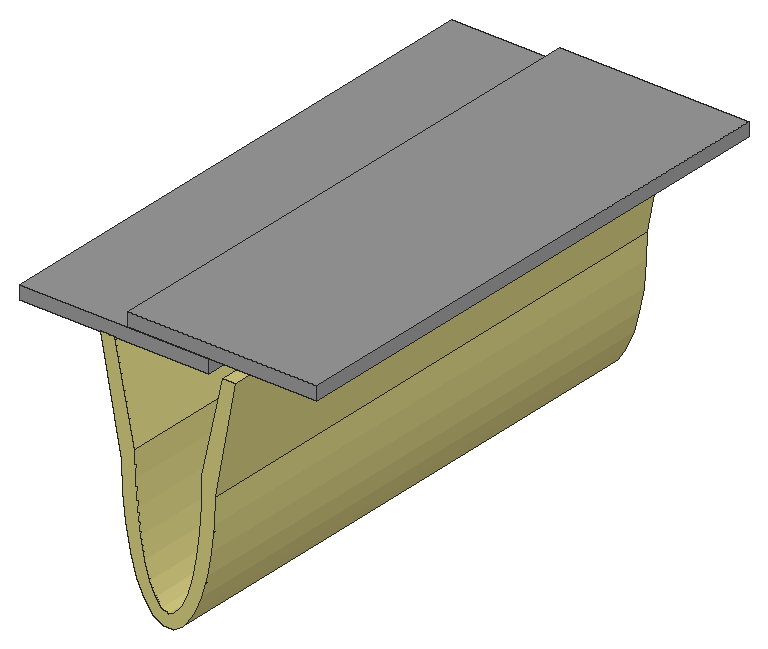
Revit family "排水帶", category 特製設備, Revit 2017
Family settings
  圓形接點標註 = 使用直徑
  組件類型 = 正常
  以工作平面為基礎 = 否
  總是垂直 = 是
  載入時使用空心挖方 = 否
  共用 = 否
  房間計算點 = 否
Parameters
  蓋板材料 [instance] = 4mm厚鋁合金
  蓋板寬度 [instance] = 縫寬一半 + 60 mm  # 110 mm
  蓋板寬 [instance] = 縫寬一半 + 30 mm + 60 mm  # 140 mm
  縫寬一半 [instance] = 50 mm
  縫寬 [instance] = 縫寬一半 * 2  # 100 mm
  排水帶長度 [instance] = 排水帶長  # 400 mm
  排水帶長 [instance] = 400 mm
  排水帶內寬 [instance] = 10 mm
  排水帶下控制 [instance] = 排水帶下寬一半 + 排水帶內寬  # 35 mm
  排水帶下寬一半 [instance] = 25 mm
  左斜角 [instance] = 0.50°
  右斜角 [instance] = 0.50°
Reference planes
  plane 1 "中心 (前/後)": y = 0
  plane 2: z = 0
  plane 3 "中心 (左/右)": x = 0
  plane 4: x = 50
  plane 5: x = -50
  plane 6: y = -1100
  plane 7: x = 110
  plane 8: x = -110
Forms (mm)
  Extrusion 1, solid, material "4mm厚鋁合金"
    sketch origin (0, 0, 0) x (1, 0, 0) y (0, 1, 0)
      loop
        line (-30, 0) -> (-30, -400) -> (110, -400) -> (110, 0) -> (-30, 0)
    from -10 to 0
  Extrusion 2, solid, material "4mm厚鋁合金"
    sketch origin (0, 0, 0) x (-1, 0, 0) y (0, -1, 0)
      loop
        line (-30, 0) -> (110, 0) -> (110, 400) -> (-30, 400) -> (-30, 0)
    from -20 to -10
  Extrusion 3, solid, material "排水帶"
    sketch origin (0, 0, 0) x (1, 0, 0) y (0, 0, 1)
      loop
        line (-40, -20) -> (-50, -20) -> (-35, -100)
        spline (-35, -100) -> (-33.807, -125.882) -> (-30.311, -150) -> (-24.749, -170.711) -> (-17.5, -186.603) -> (-9.059, -196.593) -> (0, -200) -> (9.059, -196.593) -> (17.5, -186.603) -> (24.749, -170.711) -> (30.311, -150) -> (33.807, -125.882) -> (35, -100)
        line (35, -100) -> (50, -20) -> (40, -20) -> (25, -90)
        spline (25, -90) -> (24.148, -115.882) -> (21.651, -140) -> (17.678, -160.711) -> (12.5, -176.603) -> (6.47, -186.593) -> (0, -190) -> (-6.47, -186.593) -> (-12.5, -176.603) -> (-17.678, -160.711) -> (-21.651, -140) -> (-24.148, -115.882) -> (-25, -90)
        line (-25, -90) -> (-40, -20)
    from 400 to 0
Lines and regions (mm)
  reference lines
    curve 1: line (0, 0, 0) -> (0, -1100, 0)
Dimensions and locks
  "排水帶長": Extrusion 2 sketch curve to plane 1 "中心 (前/後)"
  "排水帶長": Extrusion 3 to plane 1 "中心 (前/後)"
  "縫寬一半": plane 3 "中心 (左/右)" to plane 4
  "縫寬一半": plane 5 to plane 3 "中心 (左/右)"
  "蓋板寬度": plane 3 "中心 (左/右)" to plane 7
  "蓋板寬度": plane 8 to plane 3 "中心 (左/右)"
  "排水帶長": Extrusion 1 sketch curve to plane 1 "中心 (前/後)"
  "蓋板寬": plane 8 to Extrusion 2 sketch curve
  "蓋板寬": Extrusion 1 sketch curve to plane 7
  "排水帶下寬一半": plane 3 "中心 (左/右)" to Extrusion 3 sketch curve
  "排水帶下寬一半": Extrusion 3 sketch curve to plane 3 "中心 (左/右)"
  "排水帶下控制": Extrusion 3 sketch curve to plane 3 "中心 (左/右)"
  "排水帶下控制": plane 3 "中心 (左/右)" to Extrusion 3 sketch curve
  "排水帶內寬": plane 5 to Extrusion 3 sketch curve
  "排水帶內寬": plane 4 to Extrusion 3 sketch curve
  aligned and locked: level to plane 2
  aligned and locked: plane 6 to curve 1
  aligned and locked: plane 7 to Extrusion 1 sketch curve
  aligned and locked: plane 8 to Extrusion 2 sketch curve
  aligned and locked: plane 4 to Extrusion 3 sketch curve
  aligned and locked: plane 5 to Extrusion 3 sketch curve
Automatic sketch dimensions
  curve 1 to plane 3 "中心 (左/右)" = 0 mm
  plane 1 "中心 (前/後)" to curve 1 = 0 mm
  plane 1 "中心 (前/後)" to Extrusion 1 sketch curve = 0 mm
  plane 1 "中心 (前/後)" to Extrusion 2 sketch curve = 0 mm
  Extrusion 3 sketch curve to level = 100 mm
  Extrusion 3 sketch curve to Extrusion 3 sketch curve = 10 mm
  Extrusion 3 sketch curve to level = 20 mm  (x2)
